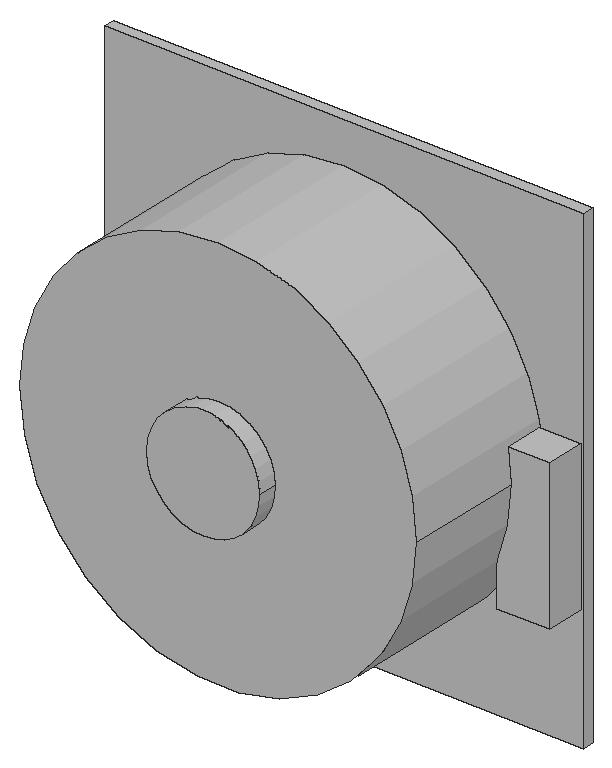
Revit family "ef-30_40b(t)sxc2_d(t)sxc2-f_60Hz", category 機械設備, Revit 2019
Family settings
  丸型コネクタ寸法 = 直径を使用
  パーツ タイプ = 標準
  OmniClass 番号 = 23.75.35.21.17
  OmniClass タイトル = Industrial Ventilating Equipment
  作業面ベース = いいえ
  常に垂直 = はい
  ロード時にボイドで切り取り = はい
  共有 = いいえ
  部屋計算ポイント = はい
Parameters (values of type "EF-30BSXC2-F")
  騒音レベル(dB(A)) [instance] = 43
  風量 [instance] = 設計風量  # 0.0 m³/h
  電源種別 [instance] = ""
  電圧 = 100 V
  電動機出力 = 50 W
  電動機_種別 [instance] = ""
  運転質量 = 0.00 kg
  連動 [instance] = ""
  質量 = if(製品質量 > 運転質量, 製品質量, 運転質量) * 1.2  # 6.48 kg
  負荷分類 = 3_ファン類
  説明 = "産業用有圧換気扇 低騒音形ステンレスタイプ オールステンレス高耐食タイプ 排気専用"
  設計風量 [instance] = 0.0 m³/h
  設置方法 = "壁付"
  記号 [instance] = ""
  製造元 = "三菱電機株式会社"
  製品質量 = 5.40 kg
  製品出荷対象 = "国内"
  製品リリース年月 = "2022年6月1日"
  製品グループ = ""
  羽根径 = "∅300"
  レグ_Depth = 147.5 mm
  系統 [instance] = ""
  符号 [instance] = if(☑給気／□排気, "FS", "FE")  # "FE"
  積算_科目 = ""
  積算_拾い区分 [instance] = ""
  相 = 1
  盤記号 [instance] = ""
  盤工事区分 = ""
  発停方法 [instance] = ""
  特殊仕様 [instance] = ""
  火災停止 [instance] = ""
  消費電力 = 73 W
  法定耐用年数 = "15"
  極数 = 2
  極 = 4
  材質 [instance] = ""
  操作・制御方式 = ""
  操作・制御スイッチ = ""
  排気量 [instance] = if(☑給気／□排気, 0.0 m³/h, 設計風量)  # 0.0 m³/h
  形式 = ""
  幹線記号 [instance] = ""
  対象室 [instance] = ""
  実風量 [instance] = 0.0 m³/h
  始動方式 [instance] = "直入"
  外気量 [instance] = if(☑給気／□排気, 設計風量, 0.0 m³/h)  # 0.0 m³/h
  呼称 = "有圧扇"
  周波数 = 60 Hz
  参照している仕様書等のバージョン = ""
  分類コード = "50052503100110"
  分類グループ = ""
  価格 = 245000
  企業コード = "108420"
  付属品_防振装置 = ""
  付属品 [instance] = ""
  仕様書バージョン = "Version1.0"
  レグ_Width = 413 mm
  レグ_Height = 413 mm
  モーター径 = 99 mm
  モデル = "EF-30BSXC2-F"
  ボックス_Width = 46.1 mm
  ボックス_Height = 130.6 mm
  ボックス_Depth = 44.8 mm
  フレームの厚さ = 10 mm
  ファンの種類 = "軸流羽根"
  コメント [instance] = ""
  Keynote = ""
  オリフィス_Depth = 50 mm
  ☑給気／□排気 [instance] = no
  Width = 420 mm
  Version = ""
  Uniclass2015Version = "Systems v1.9"
  Uniclass2015Title = "Propeller fans"
  Uniclass2015Code = "Pr_65_67_29_67"
  URL = "https://www.mitsubishielectric.co.jp/ldg/wink/ssl/displayProduct.do?pid=319155"
  SpecificationReference = ""
  SpecificationDescription = ""
  Revision = ""
  ProductInformation = ""
  OmniClassCode = "23-33 31 19 11 17"
  MIN風量 = 0.0 m³/h
  MID風量 = 0.0 m³/h
  MAX風量 = 1980.0 m³/h
  IfcTypeProduct = ""
  IfcProduct = ""
  IfcExportType = "TUBEAXIAL"
  IfcExportAs = "IfcFanType"
  Height = 420 mm
  オリフィス径 = 348 mm
  Depth = 164 mm
  Box_W = 162 mm
  Box_H = 108.2 mm
  Author = "三菱電機株式会社"
Types (6, lengths in mm): name | 騒音レベル(dB(A)) | 電圧 | 電動機出力 | 質量 | 製品質量 | 羽根径 | レグ_Depth | 相 | 消費電力 | 極数 | 価格 | モーター径 | モデル | ボックス_Width | ボックス_Height | ボックス_Depth | オリフィス_Depth | Width | URL | MAX風量 | Height | オリフィス径 | Depth | Box_W | Box_H
  EF-30BSXC2-F | 43 | 100 V | 50 W | 6.48 kg | 5.40 kg | "∅300" | 147.5 | 1 | 73 W | 2 | 245000 | 99 | "EF-30BSXC2-F" | 46.1 | 130.6 | 44.8 | 50 | 420 | "https://www.mitsubishielectric.co.jp/ldg/wink/ssl/displayProduct.do?pid=319155" | 1980.0 m³/h | 420 | 348 | 164 | 162 | 108.2
  EF-40DSXC2-F | 53.5 | 100 V | 200 W | 15.00 kg | 12.50 kg | "∅400" | 198.5 | 1 | 190 W | 2 | 303000 | 113 | "EF-40DSXC2-F" | 46.7 | 131.4 | 57.8 | 70 | 520 | "https://www.mitsubishielectric.co.jp/ldg/wink/ssl/displayProduct.do?pid=318476" | 4360.0 m³/h | 520 | 476 | 225 | 213.3 | 184.8
  EF-30BTXC2-F_200V | 43 | 200 V | 50 W | 6.60 kg | 5.50 kg | "∅300" | 147.5 | 3 | 65 W | 3 | 245000 | 99 | "EF-30BTXC2-F" | 46.1 | 130.6 | 44.8 | 50 | 420 | "https://www.mitsubishielectric.co.jp/ldg/wink/ssl/displayProduct.do?pid=319161" | 1980.0 m³/h | 420 | 348 | 164 | 162 | 108.2
  EF-40DTXC2-F_200V | 53.5 | 200 V | 200 W | 15.00 kg | 12.50 kg | "∅400" | 198.5 | 3 | 175 W | 3 | 303000 | 113 | "EF-40DTXC2-F" | 46.7 | 131.4 | 57.8 | 70 | 520 | "https://www.mitsubishielectric.co.jp/ldg/wink/ssl/displayProduct.do?pid=318482" | 4360.0 m³/h | 520 | 476 | 225 | 213.3 | 184.8
  EF-30BTXC2-F_220V | 44 | 220 V | 50 W | 6.60 kg | 5.50 kg | "∅300" | 147.5 | 3 | 72 W | 3 | 245000 | 99 | "EF-30BTXC2-F" | 46.1 | 130.6 | 44.8 | 50 | 420 | "https://www.mitsubishielectric.co.jp/ldg/wink/ssl/displayProduct.do?pid=319161" | 1980.0 m³/h | 420 | 348 | 164 | 162 | 108.2
  EF-40DTXC2-F_220V | 53.5 | 220 V | 200 W | 15.00 kg | 12.50 kg | "∅400" | 198.5 | 3 | 190 W | 3 | 303000 | 113 | "EF-40DTXC2-F" | 46.7 | 131.4 | 57.8 | 70 | 520 | "https://www.mitsubishielectric.co.jp/ldg/wink/ssl/displayProduct.do?pid=318482" | 4360.0 m³/h | 520 | 476 | 225 | 213.3 | 184.8
Reference planes
  plane 1 "中心(正面/背面)": y = 0
  plane 2: z = 0
  plane 3 "中心(左/右)": x = 0
  plane 4: z = 0
  plane 5: through (212.832, -1524, 243.759) normal (-0.6508, 0, -0.7593)
  plane 6: through (-212.884, -1524, -243.751) normal (0.6508, 0, 0.7593)
  plane 7: through (208.307, -1524, -247.63) normal (-0.6508, 0, 0.7593)
  plane 8: z = 210
  plane 9: z = -210
  plane 10 "左": x = -210
  plane 11 "右": x = 210
  plane 12 "正面": y = -164
  plane 13: y = -10
  plane 14: through (-208.307, -1524, -247.63) normal (-0.6508, 0, -0.7593)
  plane 15: y = 86
  plane 16: y = 186
  plane 17: x = -250
  plane 18: x = 250
  plane 19: y = -44.8
  plane 20: y = -147.5
  plane 21: x = 162
  plane 22: x = 208.1
  plane 23: z = 28.8
  plane 24: z = -101.8
Forms (mm)
  Extrusion 1, solid, detail levels fine
    sketch origin (0, 0, 0) x (1, 0, 0) y (0, 1, 0)
      loop
        line (-210, 0) -> (-210, -10) -> (210, -10) -> (210, 0) -> (-210, 0)
    from -210 to 210
  Extrusion 2, solid, detail levels fine
    sketch origin (140, -23.659, 0) x (-1, 0, 0) y (0, 0, -1)
      loop
        circle (140, 0) r 49.5
    from 123.841 to 140.341
  Extrusion 3, solid
    sketch origin (0, -153.783, 0) x (1, 0, 0) y (0, 0, 1)
      loop
        circle (0, 0) r 174
    from -143.783 to -6.283
  Extrusion 4, solid
    sketch origin (0, -164, 0) x (0, 0, -1) y (1, 0, 0)
      loop
        line (-28.8, 162) -> (101.8, 162) -> (101.8, 208.1) -> (-28.8, 208.1) -> (-28.8, 162)
    from -154 to -119.2
Cuts and joins
  joined: Extrusion 3, Extrusion 4
Lines and regions (mm)
  Masking region 1, detail levels coarse+medium
    outline origin (0, 0, 0) x (1, 0, 0) y (0, 1, 0)
      loop
        line (-250, -164) -> (250, -164) -> (250, 86) -> (-250, 86) -> (-250, -164)
  Masking region 2, detail levels coarse+medium
    outline origin (0, 0, 0) x (1, 0, 0) y (0, 1, 0)
      loop
        line (-174, 86) -> (174, 86) -> (174, 186) -> (-174, 186) -> (-174, 86)
  symbolic lines, detail levels coarse+medium
    curve 1: circle (174, -163.5, 0) r 115 normal (0, 0, 1)
    curve 2: circle (-174, -163.5, 0) r 115 normal (0, 0, -1)
Dimensions and locks
  level to plane 4 = 0 mm
  equal spacing: plane 8, level, plane 9
  "Depth": plane 12 "正面" to plane 1 "中心(正面/背面)"  (x2)
  "Width": plane 10 "左" to plane 11 "右"
  "Height": plane 8 to plane 9
  "フレームの厚さ": plane 13 to plane 1 "中心(正面/背面)"
  plane 12 "正面" to plane 15 to plane 16 = 250 mm locked, 100 mm locked
  locked: plane 17 to plane 18 at 500
  "レグ_Depth": plane 1 "中心(正面/背面)" to plane 20
  equal spacing: plane 10 "左", plane 3 "中心(左/右)", plane 11 "右"
  "ボックス_Width": plane 22 to plane 21
  "ボックス_Height": plane 23 to plane 24
  "Box_H": plane 24 to plane 9
  "Box_W": plane 21 to plane 3 "中心(左/右)"
  "ボックス_Depth": plane 1 "中心(正面/背面)" to plane 19
  "オリフィス径": diameter of Extrusion 3 sketch curve
  "モーター径": diameter of Extrusion 2 sketch curve
  aligned and locked: level to plane 2
  aligned and locked: Extrusion 1 to plane 8
  aligned and locked: plane 10 "左" to Extrusion 1
  aligned and locked: Extrusion 1 to plane 11 "右"
  aligned and locked: plane 9 to Extrusion 1
  aligned and locked: Extrusion 1 to plane 13
  aligned and locked: Extrusion 1 to plane 1 "中心(正面/背面)"  (x5)
  aligned and locked: plane 12 "正面" to Extrusion 2
  aligned and locked: plane 1 "中心(正面/背面)" to Extrusion 1  (x2)
  aligned and locked: plane 4 to Extrusion 2 sketch curve
  aligned and locked: plane 12 "正面" to Masking region 1 sketch curve
  aligned and locked: Masking region 1 sketch curve to plane 17
  aligned and locked: plane 15 to Masking region 1 sketch curve
  aligned and locked: plane 18 to Masking region 1 sketch curve
  aligned and locked: Masking region 2 sketch curve to plane 15
  aligned and locked: plane 16 to Masking region 2 sketch curve
  aligned and locked: Extrusion 3 to Extrusion 1
  aligned and locked: plane 20 to Extrusion 2
  aligned and locked: Extrusion 3 to plane 20
  aligned and locked: Extrusion 4 sketch curve to plane 23
  aligned and locked: plane 21 to Extrusion 4 sketch curve
  aligned and locked: plane 24 to Extrusion 4 sketch curve
  aligned and locked: Extrusion 4 sketch curve to plane 22
  aligned and locked: plane 13 to Extrusion 4
  aligned and locked: Extrusion 4 to plane 19
Automatic sketch dimensions
  Extrusion 1 sketch curve to plane 10 "左" = 0 mm
  Extrusion 1 sketch curve to plane 11 "右" = 0 mm
  Extrusion 1 sketch curve to plane 13 = 0 mm
  plane 1 "中心(正面/背面)" to Extrusion 1 sketch curve = 0 mm
  Extrusion 3 sketch curve to level = 0 mm
  Extrusion 3 sketch curve to plane 3 "中心(左/右)" = 0 mm
  curve 2 to plane 20 = 16 mm
  curve 1 to plane 20 = 16 mm
  curve 2 to plane 10 "左" = 36 mm
  Masking region 2 sketch curve to plane 10 "左" = 36 mm
  plane 11 "右" to curve 1 = 36 mm
  plane 11 "右" to Masking region 2 sketch curve = 36 mm
  Extrusion 2 sketch curve to plane 3 "中心(左/右)" = 0 mm
  radius of curve 1 = 115 mm
  radius of curve 2 = 115 mm
Connectors
  electrical at (210, -5, 0), driven by "電圧", driven by "負荷分類", driven by "消費電力", driven by "極数"
    settings: on Extrusion 1, index 2, voltage 100 V, apparent load 73 VA, apparent load phase1 0 VA, apparent load phase2 0 VA, apparent load phase3 0 VA, power factor 1, load classification "3_ファン類", number of poles 2, system type 30, power factor state 1, is connector primary yes, connector utility no, sub classification motor no, connector description ""
